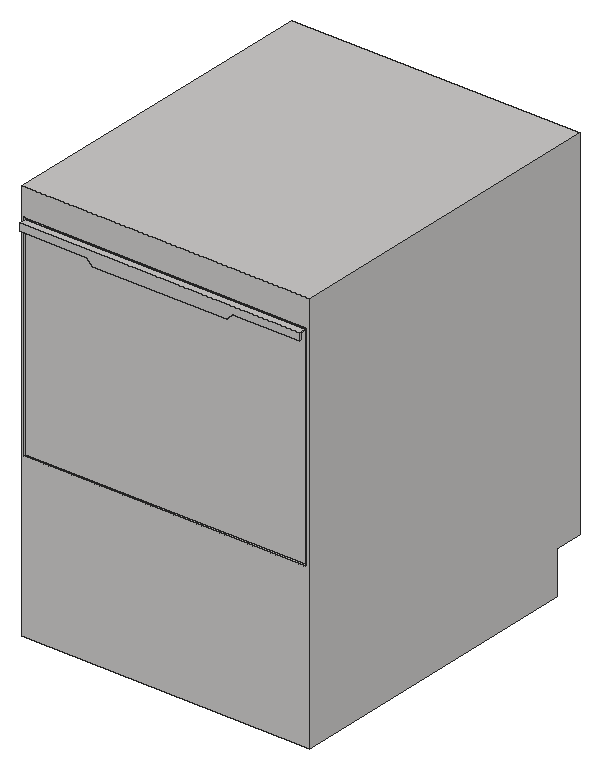
Revit family "QF_ELECTROLUXPROFESSIONAL_402313_EXLIG", category Specialty Equipment, Revit 2018
Family settings
  Round Connector Dimension = Use Diameter
  Part Type = Normal
  Work Plane-Based = No
  Always vertical = Yes
  Cut with Voids When Loaded = No
  Shared = No
  Room Calculation Point = No
Parameters
  Weight = 74.50 kg
  Watts = 0 W
  Volts = 0 V
  URL Manufacturer = ""
  URL = "http://professional.electrolux.com/"
  Steam Supply Size = 0 mm
  Steam Supply Minimum Pressure = 0.0 Pa
  Steam Supply Maximum Pressure = 0.0 Pa
  Steam Pounds per Hour = 0
  Show Logo [instance] = yes
  Show Clearance [instance] = yes
  Refrigeration Suction Line Size = 0 mm
  Refrigeration Liquid Line Size = 0 mm
  Refrigerant Compressor Remote = yes
  Manufacturer = ""
  Phase = 0
  Model = ""
  Length Actual = 600 mm  # constant formula
  Item Number = ""
  Hot Water Size = 0 mm
  Height Actual = 850 mm  # constant formula
  HP = "8.9 HP"
  Gas Size = 0 mm
  Gas KW = 0
  Gas Input Pressure = 0 W
  Direct Waste Size = 29 mm
  Description = ""
  Depth Actual = 703 mm  # constant formula
  Cycle = 0 Hz
  Condensate Return Size = 0 mm
  Compressed Air Volume = 0.0 L/s
  Compressed Air Size = 0 mm
  Compressed Air Pressure = 0.0 Pa
  Cold Water Size = 0 mm
  Accessory = yes
Types (2, lengths in mm): name | Volts | URL Manufacturer | URL | Manufacturer | Phase | Model | Item Number | Hot Water Size | Description | Cycle | Cold Water Size
  (no name) | 0 V | "" | "http://professional.electrolux.com/" | "" | 0 | "" | "" | 0 | "" | 0 Hz | 0
  Standard | 380 V | "http://professional.electrolux.com" | "http://professional.electrolux.com" | "Electrolux Professional" | 3 | "EXLIG" | "402313" | 19.05 | "UNDERCOUNTER (XL), DOUBLE SKIN, 600X400, DRAIN PUMP, DETERGENT DISPENSER, 360T/H" | 50 Hz | 19.05
Reference planes
  plane 1 "Center (Front/Back)": y = 0
  plane 2: z = 0
  plane 3 "Center (Left/Right)": x = 0
  plane 4 "LEFT": x = -300
  plane 5 "RIGHT": x = 300
  plane 6 "FRONT": y = -351.5
  plane 7 "BACK": y = 351.5
  plane 8: x = -202.5
  plane 9: x = 202.5
  plane 10: z = 850
  plane 11: z = 10
Forms (mm)
  Extrusion 1, solid, material "QF_Finishes_Stainless Steel"
    sketch origin (0, 0, 0) x (1, 0, 0) y (0, 1, 0)
      loop
        line (-300, -351.5) -> (300, -351.5) -> (300, 293.5) -> (-300, 293.5) -> (-300, -351.5)
    from 10 to 850
  Extrusion 2, solid, material "QF_Finishes_Stainless Steel"
    sketch origin (0, 0, 0) x (1, 0, 0) y (0, 1, 0)
      loop
        line (-300, 293.5) -> (300, 293.5) -> (300, 351.5) -> (-300, 351.5) -> (-300, 293.5)
    from 100 to 850
  Extrusion 3, solid, material "QF_Finishes_Stainless Steel"
    sketch origin (0, 17.5, 0) x (1, 0, 0) y (0, 1, 0)
      loop
        circle (-266.5, 259) r 12.5
      loop
        circle (266.5, 259) r 12.5
      loop
        circle (-266.5, -319) r 12.5
      loop
        circle (266.5, -319) r 12.5
    from 0 to 10
  Extrusion 4, void
    sketch origin (-300, -351.5, 0) x (-1, 0, 0) y (0, 0, 1)
      loop
        line (-5, 793.217) -> (-595, 793.217) -> (-595, 347.239) -> (-5, 347.239) -> (-5, 793.217)
    from 0 to 30
  Extrusion 5, solid, material "QF_Finishes_Stainless Steel"
    sketch origin (-98, -340.5, 752) x (0, 0, -1) y (1, 0, 0)
      loop
        circle (693, 143) r 10
    from -634 to -692
  Extrusion 6, solid, material "QF_Door-Drawer Clearances", visible <- "Show Clearance", detail levels coarse
    sketch origin (-230, -282.5, 0) x (0, 1, 0) y (0, 0, -1)
      loop
        line (-69, -351.141) -> (-513, -351.141)
        arc (-513, -351.141) -> (-384.211, -664.874) -> (-69, -790) r 433.707
        line (-69, -790) -> (-69, -351.141)
    from 61.197 to -521.306
  Extrusion 7, solid, material "QF_Finishes_Stainless Steel"
    sketch origin (-407.481, -340.5, 722) x (0, 0, -1) y (1, 0, 0)
      loop
        circle (663, 252.481) r 8
    from -634 to -692
  Extrusion 8, solid, material "QF_Finishes_Stainless Steel"
    sketch origin (-230, -282.5, 0) x (0, 1, 0) y (0, 0, -1)
      loop
        line (-69, -351.141) -> (-69, -790) -> (-44, -790) -> (-44, -351.141) -> (-69, -351.141)
    from 61.197 to -521.306
  Extrusion 9, solid, material "QF_Finishes_Stainless Steel"
    sketch origin (-230, -297.5, 0) x (0, 1, 0) y (0, 0, -1)
      loop
        line (-54, -790) -> (-54, -787.514) -> (-66.5, -787.514) -> (-66.5, -761.25) -> (-69, -761.25) -> (-69, -790) -> (-54, -790)
    from 61.197 to -521.306
  Extrusion 10, void
    sketch origin (-230, -366.5, 790) x (0, 0, 1) y (1, 0, 0)
      loop
        line (-15.552, -61.197) -> (-15.552, 77.909) -> (-28.75, 91.107) -> (-28.75, -61.197) -> (-15.552, -61.197)
      loop
        line (-15.552, 521.197) -> (-28.75, 521.197) -> (-28.75, 368.893) -> (-15.552, 382.091) -> (-15.552, 521.197)
    from 0 to 2.5
  Extrusion 11, solid, material "QF_Finishes_Stainless Steel"
    sketch origin (-214, -370.29, 631.5) x (0, 0, -1) y (1, 0, 0)
      loop
        circle (611.5, 158) r 8
    from -663.79 to -721.79
Cuts and joins
  Extrusion 4 cuts Extrusion 1
  joined: Extrusion 1, Extrusion 2
  Extrusion 10 cuts Extrusion 8
  Extrusion 10 cuts Extrusion 9
Lines and regions (mm)
  Split face 1
    outline origin (-300, -351.5, 850) x (0, 0, -1) y (1, 0, 0)
      loop
        line (56.783, 5) -> (42.5, 5) -> (42.5, 67.5) -> (54.142, 79.142) -> (54.142, 520.858) -> (42.5, 532.5) -> (42.5, 595) -> (56.783, 595)
  Split face 2
    outline origin (-300, -351.5, 850) x (0, 0, -1) y (1, 0, 0)
      loop
        line (42.5, 5) -> (5, 5) -> (5, 595) -> (42.5, 595)
  Split face 3
    outline origin (-300, -351.5, 850) x (0, 0, -1) y (1, 0, 0)
      loop
        line (21.579, 283.75) -> (39.683, 283.75) -> (39.683, 316.25) -> (21.579, 316.25) -> (21.579, 283.75)
  symbolic lines
    curve 1: line (-300, 351.5, 0) -> (300, 351.5, 0)
    curve 2: line (-300, -351.5, 0) -> (-300, 351.5, 0)
    curve 3: line (300, -351.5, 0) -> (-300, -351.5, 0)
    curve 4: line (300, 351.5, 0) -> (300, -351.5, 0)
    curve 9: line (-291.197, -351.5, 0) -> (-291.197, -366.5, 0)
    curve 10: line (291.306, -366.5, 0) -> (291.306, -351.5, 0)
    curve 11: line (-291.197, -366.5, 0) -> (291.306, -366.5, 0)
  symbolic lines, style "QF_Door-Drawer Clearances"
    curve 5: line (-291.197, -795.5, 0) -> (291.306, -795.5, 0)
    curve 6: line (291.306, -795.5, 0) -> (291.306, -351.5, 0)
    curve 7: line (-291.197, -795.5, 0) -> (-291.197, -351.5, 0)
  symbolic lines, style "SpecialityEquipmentHiddenLines"
    curve 8: line (-300, 293.5, 0) -> (300, 293.5, 0)
Dimensions and locks
  equal spacing: plane 4 "LEFT", plane 3 "Center (Left/Right)", plane 5 "RIGHT"
  equal spacing: plane 7 "BACK", plane 1 "Center (Front/Back)", plane 6 "FRONT"
  plane 7 "BACK" to plane 6 "FRONT" = 703 mm
  plane 4 "LEFT" to plane 5 "RIGHT" = 600 mm
  plane 4 "LEFT" to plane 8 = 97.5 mm
  plane 9 to plane 5 "RIGHT" = 97.5 mm
  plane 11 to level = 10 mm
  plane 4 "LEFT" to plane 3 "Center (Left/Right)" = 300 mm
  plane 10 to level = 850 mm  (x2)
  plane 8 to plane 9 = 405 mm
  Extrusion 11 sketch curve to plane 4 "LEFT" = 244 mm
  level to Extrusion 5 sketch curve = 59 mm
  Extrusion 5 sketch curve to plane 4 "LEFT" = 345 mm
  Extrusion 7 sketch curve to plane 4 "LEFT" = 145 mm
  level to Extrusion 7 sketch curve = 59 mm
  Extrusion 3 to cut or joined group of Extrusion 1, Extrusion 2, Extrusion 4 = 75 mm
  Extrusion 3 to Extrusion 3 = 578 mm
  plane 6 "FRONT" to Extrusion 3 = 50 mm
  plane 9 to plane 8 = 405 mm
  plane 6 "FRONT" to curve 5 = 444 mm
  cut or joined group of Extrusion 1, Extrusion 2, Extrusion 4 to level = 347.239 mm
  aligned and locked: level to plane 2
  aligned and locked: Extrusion 1 sketch curve to plane 6 "FRONT"
  aligned and locked: Extrusion 1 sketch curve to plane 4 "LEFT"
  aligned and locked: plane 5 "RIGHT" to Extrusion 1 sketch curve
  aligned and locked: Extrusion 1 to plane 11
  aligned and locked: Extrusion 2 sketch curve to Extrusion 1  (x2)
  aligned and locked: plane 5 "RIGHT" to Extrusion 2 sketch curve
  aligned and locked: plane 11 to Extrusion 3
  aligned and locked: cut or joined group of Extrusion 9, Extrusion 10 to Extrusion 10
  aligned and locked: plane 7 "BACK" to Extrusion 2
Automatic sketch dimensions
  Extrusion 1 sketch curve to plane 7 "BACK" = 58 mm
  Extrusion 3 sketch curve to plane 8 = 64 mm  (x2)
  plane 9 to Extrusion 3 sketch curve = 64 mm  (x2)
  plane 6 "FRONT" to Extrusion 3 sketch curve = 50 mm  (x2)
  Extrusion 3 sketch curve to plane 7 "BACK" = 75 mm  (x2)
  Extrusion 4 sketch curve to Extrusion 1 = 5 mm  (x2)
  Extrusion 4 sketch curve to Extrusion 1 = 337.239 mm
  Extrusion 4 sketch curve to Extrusion 1 = 56.783 mm
  plane 6 "FRONT" to Extrusion 8 sketch curve = 0 mm
  Extrusion 8 sketch curve to Extrusion 8 sketch curve = 25 mm
  Extrusion 9 sketch curve to plane 6 "FRONT" = 15 mm
  Extrusion 9 sketch curve to Extrusion 9 sketch curve = 2.5 mm
  Extrusion 9 sketch curve to Extrusion 9 sketch curve = 12.5 mm
  Extrusion 9 sketch curve to plane 10 = 60 mm
  Extrusion 9 sketch curve to Extrusion 9 sketch curve = 2.486 mm
  Extrusion 9 sketch curve to Extrusion 9 sketch curve = 26.264 mm
  Split face 1 sketch curve to cut or joined group of Extrusion 1, Extrusion 2, Extrusion 4 = 0 mm  (x4)
  cut or joined group of Extrusion 1, Extrusion 2, Extrusion 4 to Split face 1 sketch curve = 2.641 mm
  Split face 1 sketch curve to Split face 1 sketch curve = 11.642 mm  (x4)
  Split face 1 sketch curve to Split face 1 sketch curve = 62.5 mm
  Split face 1 sketch curve to cut or joined group of Extrusion 1, Extrusion 2, Extrusion 4 = 74.142 mm
  Split face 2 sketch curve to cut or joined group of Extrusion 1, Extrusion 2, Extrusion 4 = 0 mm  (x2)
  Split face 2 sketch curve to cut or joined group of Extrusion 1, Extrusion 2, Extrusion 4 = 5 mm
  cut or joined group of Extrusion 1, Extrusion 2, Extrusion 4 to Split face 2 sketch curve = 14.283 mm  (x2)
  Extrusion 2 sketch curve to Extrusion 2 sketch curve = 58 mm
  Split face 3 sketch curve to cut or joined group of Extrusion 1, Extrusion 2, Extrusion 4 = 21.579 mm
  Split face 3 sketch curve to Split face 3 sketch curve = 18.104 mm
  Split face 3 sketch curve to cut or joined group of Extrusion 1, Extrusion 2, Extrusion 4 = 278.75 mm
  Split face 3 sketch curve to Split face 3 sketch curve = 32.5 mm
  plane 11 to Extrusion 8 sketch curve = 341.141 mm
  Extrusion 8 sketch curve to plane 10 = 60 mm
  Extrusion 10 sketch curve to Extrusion 9 = 0 mm  (x2)
  Extrusion 9 to Extrusion 10 sketch curve = 0 mm
  Extrusion 10 sketch curve to Extrusion 9 = 13.198 mm  (x2)
  Extrusion 10 sketch curve to Extrusion 9 = 139.107 mm
  Extrusion 10 sketch curve to Extrusion 10 sketch curve = 13.198 mm  (x2)
  Extrusion 10 sketch curve to Extrusion 9 = 152.413 mm
  Extrusion 10 sketch curve to Extrusion 9 = 0.109 mm
  plane 11 to Extrusion 11 sketch curve = 10 mm
  curve 3 to plane 4 "LEFT" = 0 mm
  curve 7 to plane 6 "FRONT" = 0 mm
  curve 4 to plane 5 "RIGHT" = 0 mm
  curve 2 to plane 7 "BACK" = 0 mm
  plane 4 "LEFT" to curve 5 = 8.803 mm
  curve 5 to plane 5 "RIGHT" = 8.694 mm
  plane 4 "LEFT" to curve 11 = 8.803 mm
  curve 10 to plane 5 "RIGHT" = 8.694 mm
  curve 11 to plane 6 "FRONT" = 15 mm
  curve 8 to plane 7 "BACK" = 58 mm
  Extrusion 6 sketch curve to plane 6 "FRONT" = 0 mm
  Extrusion 6 sketch curve to plane 6 "FRONT" = 10.325 mm
  Extrusion 6 sketch curve to Extrusion 6 sketch curve = 433.675 mm
  Extrusion 6 sketch curve to plane 10 = 60 mm
  level to Extrusion 6 sketch curve = 356.416 mm
  radius of Extrusion 5 sketch curve = 10 mm
  radius of Extrusion 7 sketch curve = 8 mm
  radius of Extrusion 3 sketch curve = 12.5 mm  (x4)
  radius of Extrusion 11 sketch curve = 8 mm
Connectors
  piping at (45, 351.5, 59), diameter 20
    settings: on Extrusion 5, index 1, connector inside diameter 609.6 mm, connector length 0 mm, flow factor 0, pipe flow 0.0 L/s, pressure drop 0.0 Pa, fitting loss kfactor 0, connector angle 0.00°, fixture units 0, engagement length 0 mm, angle of deflection 0.00°, flow configuration 1, flow direction 1, fitting loss method 0, system type 16, joint type 0, gender type 0, connector reference index -1, connector utility 0, adjustable connector no, is connector primary yes, connector description "Drain"
  piping at (-155, 351.5, 59), driven by "Cold Water Size"
    settings: on Extrusion 7, index 3, connector diameter 0 mm, connector inside diameter 609.6 mm, connector length 0 mm, flow factor 0, pipe flow 0.0 L/s, pressure drop 0.0 Pa, fitting loss kfactor 0, connector angle 0.00°, fixture units 0, engagement length 0 mm, angle of deflection 0.00°, flow configuration 1, flow direction 1, fitting loss method 0, system type 20, joint type 0, gender type 0, connector reference index -1, connector utility 0, adjustable connector no, is connector primary no, connector description "Cold Water Inlet"
  electrical at (-56, 351.5, 20), driven by "Volts"
    settings: on Extrusion 11, index 4, voltage 0 V, apparent load 0 VA, apparent load phase1 0 VA, apparent load phase2 0 VA, apparent load phase3 0 VA, power factor 1, load classification "Altro", number of poles 1, system type 31, power factor state 1, is connector primary yes, connector utility no, sub classification motor no, connector description "Electrical Connection"
